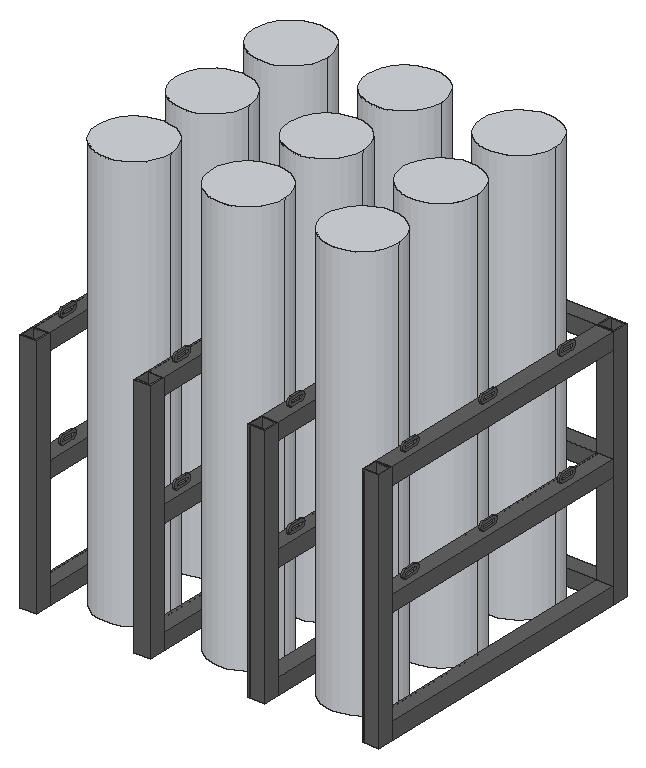
Revit family "3x3-cylinder-rack-BR3X3FS-USAsafety", category Generic Models, Revit 2014
Parameters
  Supplier = "USA Safety Solutions, Inc (www.usasafety.com)"
  Order or Request Quote = "http://www.usasafety.com/contacts"
  URL = "http://www.usasafety.com/3x3-gas-cylinder-rack-barricade-9-cylinders-p-67.html"
  Supplier Email = "sales@usasafety.com"
  Supplier Phone = "1-877-805-8650"
  Capacity = "1-9 cylinders (up to 12\" diameter)"
  Compliance = "NFPA, CGA, OSHA compliant (when used in accordance with guidelines)"
  Model = "#BR3X3FS"
  Manufacturer = ""
  Description = "Gas cylinder storage rack"
  Mounting = "Pre-drilled .531 inch diameter floor mounting holes"
  Accessories = "Two levels of welded steel chains, snaps for each cylinder"
  Weight = "211 lbs"
Reference planes (in)
  plane 1 "Center (Front/Back)": y = 0
  plane 2: z = 0
  plane 3 "Center (Left/Right)": x = 0
  plane 4: through (0.875, -174.54813, -10.63105) normal (0, -0.2588, 0.9659)
  plane 5: through (0.875, -174.54813, -24.63105) normal (0, -0.2588, 0.9659)
  plane 6: through (0.875, -162.54813, -10.63105) normal (0, -0.2588, 0.9659)
  plane 7: through (0.875, -162.54813, -24.63105) normal (0, -0.2588, 0.9659)
  plane 8: through (0.875, -186.54813, -10.63105) normal (0, -0.2588, 0.9659)
  plane 9: through (0.875, -186.54813, -24.63105) normal (0, -0.2588, 0.9659)
Forms (in)
  Extrusion 1, solid, material "USA Safety Steel, Paint Finish, Black, Glossy"
    sketch origin (0, 0, 0) x (1, 0, 0) y (0, 1, 0)
      loop
        line (0, 0) -> (0, -2) -> (2, -2) -> (2, 0) -> (0, 0)
      loop
        line (1.875, -0.125) -> (0.125, -0.125) -> (0.125, -1.875) -> (1.875, -1.875) -> (1.875, -0.125)
    from 0 to 30
  Extrusion 2, solid, material "USA Safety Steel, Paint Finish, Black, Glossy"
    sketch origin (14, 0, 0) x (1, 0, 0) y (0, 1, 0)
      loop
        line (0, 0) -> (0, -2) -> (2, -2) -> (2, 0) -> (0, 0)
      loop
        line (1.875, -0.125) -> (0.125, -0.125) -> (0.125, -1.875) -> (1.875, -1.875) -> (1.875, -0.125)
    from 0 to 30
  Extrusion 3, solid, material "USA Safety Steel, Paint Finish, Black, Glossy"
    sketch origin (0, -36, 0) x (1, 0, 0) y (0, 1, 0)
      loop
        line (0, 0) -> (0, -2) -> (2, -2) -> (2, 0) -> (0, 0)
      loop
        line (1.875, -0.125) -> (0.125, -0.125) -> (0.125, -1.875) -> (1.875, -1.875) -> (1.875, -0.125)
    from 0 to 30
  Extrusion 4, solid, material "USA Safety Steel, Paint Finish, Black, Glossy"
    sketch origin (14, -36, 0) x (1, 0, 0) y (0, 1, 0)
      loop
        line (0, 0) -> (0, -2) -> (2, -2) -> (2, 0) -> (0, 0)
      loop
        line (1.875, -0.125) -> (0.125, -0.125) -> (0.125, -1.875) -> (1.875, -1.875) -> (1.875, -0.125)
    from 0 to 30
  Extrusion 5, solid, material "USA Safety Steel, Paint Finish, Black, Glossy"
    sketch origin (2, 0, 2) x (0, 0, -1) y (0, 1, 0)
      loop
        line (0, 0) -> (0, -2) -> (2, -2) -> (2, 0) -> (0, 0)
      loop
        line (1.875, -0.125) -> (0.125, -0.125) -> (0.125, -1.875) -> (1.875, -1.875) -> (1.875, -0.125)
    from 0 to 12
  Extrusion 6, solid, material "USA Safety Steel, Paint Finish, Black, Glossy"
    sketch origin (2, 0, 30) x (0, 0, -1) y (0, 1, 0)
      loop
        line (0, 0) -> (0, -2) -> (2, -2) -> (2, 0) -> (0, 0)
      loop
        line (1.875, -0.125) -> (0.125, -0.125) -> (0.125, -1.875) -> (1.875, -1.875) -> (1.875, -0.125)
    from 0 to 12
  Extrusion 7, solid, material "USA Safety Steel, Paint Finish, Black, Glossy"
    sketch origin (2, 0, 16) x (0, 0, -1) y (0, 1, 0)
      loop
        line (0, 0) -> (0, -2) -> (2, -2) -> (2, 0) -> (0, 0)
      loop
        line (1.875, -0.125) -> (0.125, -0.125) -> (0.125, -1.875) -> (1.875, -1.875) -> (1.875, -0.125)
    from 0 to 12
  Extrusion 8, solid, material "USA Safety Steel, Paint Finish, Black, Glossy"
    sketch origin (0, -14, 2) x (0, 0, -1) y (-1, 0, 0)
      loop
        line (0, 0) -> (0, -2) -> (2, -2) -> (2, 0) -> (0, 0)
      loop
        line (1.875, -0.125) -> (0.125, -0.125) -> (0.125, -1.875) -> (1.875, -1.875) -> (1.875, -0.125)
    from -22 to 12
  Extrusion 9, solid, material "USA Safety Steel, Paint Finish, Black, Glossy"
    sketch origin (0, -14, 30) x (0, 0, -1) y (-1, 0, 0)
      loop
        line (0, 0) -> (0, -2) -> (2, -2) -> (2, 0) -> (0, 0)
      loop
        line (1.875, -0.125) -> (0.125, -0.125) -> (0.125, -1.875) -> (1.875, -1.875) -> (1.875, -0.125)
    from -22 to 12
  Extrusion 10, solid, material "USA Safety Steel, Paint Finish, Black, Glossy"
    sketch origin (0, -14, 16) x (0, 0, -1) y (-1, 0, 0)
      loop
        line (0, 0) -> (0, -2) -> (2, -2) -> (2, 0) -> (0, 0)
      loop
        line (1.875, -0.125) -> (0.125, -0.125) -> (0.125, -1.875) -> (1.875, -1.875) -> (1.875, -0.125)
    from -22 to 12
  Extrusion 11, solid, material "USA Safety Steel, Paint Finish, Black, Glossy"
    sketch origin (14, -14, 2) x (0, 0, -1) y (-1, 0, 0)
      loop
        line (0, 0) -> (0, -2) -> (2, -2) -> (2, 0) -> (0, 0)
      loop
        line (1.875, -0.125) -> (0.125, -0.125) -> (0.125, -1.875) -> (1.875, -1.875) -> (1.875, -0.125)
    from -22 to 12
  Extrusion 12, solid, material "USA Safety Steel, Paint Finish, Black, Glossy"
    sketch origin (14, -14, 30) x (0, 0, -1) y (-1, 0, 0)
      loop
        line (0, 0) -> (0, -2) -> (2, -2) -> (2, 0) -> (0, 0)
      loop
        line (1.875, -0.125) -> (0.125, -0.125) -> (0.125, -1.875) -> (1.875, -1.875) -> (1.875, -0.125)
    from -22 to 12
  Extrusion 13, solid, material "USA Safety Steel, Paint Finish, Black, Glossy"
    sketch origin (14, -14, 16) x (0, 0, -1) y (-1, 0, 0)
      loop
        line (0, 0) -> (0, -2) -> (2, -2) -> (2, 0) -> (0, 0)
      loop
        line (1.875, -0.125) -> (0.125, -0.125) -> (0.125, -1.875) -> (1.875, -1.875) -> (1.875, -0.125)
    from -22 to 12
  Extrusion 14, solid, material "USA Safety Steel, Paint Finish, Black, Glossy"
    sketch origin (15.125, -11.78704, 39.90169) x (0, -1, 0) y (0, 0, 1)
      loop
        line (19.54046, -9.90169) -> (20.88546, -9.90169)
        arc (20.88546, -9.90169) -> (21.40046, -9.38669) -> (20.88546, -8.87169) r 0.515
        line (20.88546, -8.87169) -> (19.54046, -8.87169)
        arc (19.54046, -8.87169) -> (19.02546, -9.38669) -> (19.54046, -9.90169) r 0.515
      loop
        line (19.54046, -9.65169) -> (20.88546, -9.65169)
        arc (20.88546, -9.65169) -> (21.15046, -9.38669) -> (20.88546, -9.12169) r 0.265
        line (20.88546, -9.12169) -> (19.54046, -9.12169)
        arc (19.54046, -9.12169) -> (19.27546, -9.38669) -> (19.54046, -9.65169) r 0.265
    from 0 to 0.25
  Extrusion 15, solid, material "USA Safety Steel, Paint Finish, Black, Glossy"
    sketch origin (1.125, -11.78704, 39.90169) x (0, -1, 0) y (0, 0, 1)
      loop
        line (19.54046, -9.90169) -> (20.88546, -9.90169)
        arc (20.88546, -9.90169) -> (21.40046, -9.38669) -> (20.88546, -8.87169) r 0.515
        line (20.88546, -8.87169) -> (19.54046, -8.87169)
        arc (19.54046, -8.87169) -> (19.02546, -9.38669) -> (19.54046, -9.90169) r 0.515
      loop
        line (19.54046, -9.65169) -> (20.88546, -9.65169)
        arc (20.88546, -9.65169) -> (21.15046, -9.38669) -> (20.88546, -9.12169) r 0.265
        line (20.88546, -9.12169) -> (19.54046, -9.12169)
        arc (19.54046, -9.12169) -> (19.27546, -9.38669) -> (19.54046, -9.65169) r 0.265
    from 0 to 0.25
  Extrusion 16, solid, material "USA Safety Steel, Paint Finish, Black, Glossy"
    sketch origin (15.125, -11.78704, 25.90169) x (0, -1, 0) y (0, 0, 1)
      loop
        line (19.54046, -9.90169) -> (20.88546, -9.90169)
        arc (20.88546, -9.90169) -> (21.40046, -9.38669) -> (20.88546, -8.87169) r 0.515
        line (20.88546, -8.87169) -> (19.54046, -8.87169)
        arc (19.54046, -8.87169) -> (19.02546, -9.38669) -> (19.54046, -9.90169) r 0.515
      loop
        line (19.54046, -9.65169) -> (20.88546, -9.65169)
        arc (20.88546, -9.65169) -> (21.15046, -9.38669) -> (20.88546, -9.12169) r 0.265
        line (20.88546, -9.12169) -> (19.54046, -9.12169)
        arc (19.54046, -9.12169) -> (19.27546, -9.38669) -> (19.54046, -9.65169) r 0.265
    from 0 to 0.25
  Extrusion 17, solid, material "USA Safety Steel, Paint Finish, Black, Glossy"
    sketch origin (1.125, -11.78704, 25.90169) x (0, -1, 0) y (0, 0, 1)
      loop
        line (19.54046, -9.90169) -> (20.88546, -9.90169)
        arc (20.88546, -9.90169) -> (21.40046, -9.38669) -> (20.88546, -8.87169) r 0.515
        line (20.88546, -8.87169) -> (19.54046, -8.87169)
        arc (19.54046, -8.87169) -> (19.02546, -9.38669) -> (19.54046, -9.90169) r 0.515
      loop
        line (19.54046, -9.65169) -> (20.88546, -9.65169)
        arc (20.88546, -9.65169) -> (21.15046, -9.38669) -> (20.88546, -9.12169) r 0.265
        line (20.88546, -9.12169) -> (19.54046, -9.12169)
        arc (19.54046, -9.12169) -> (19.27546, -9.38669) -> (19.54046, -9.65169) r 0.265
    from 0 to 0.25
  Extrusion 18, solid, material "USA Safety Steel, Paint Finish, Black, Glossy"
    sketch origin (15.125, 0.21296, 39.90169) x (0, -1, 0) y (0, 0, 1)
      loop
        line (19.54046, -9.90169) -> (20.88546, -9.90169)
        arc (20.88546, -9.90169) -> (21.40046, -9.38669) -> (20.88546, -8.87169) r 0.515
        line (20.88546, -8.87169) -> (19.54046, -8.87169)
        arc (19.54046, -8.87169) -> (19.02546, -9.38669) -> (19.54046, -9.90169) r 0.515
      loop
        line (19.54046, -9.65169) -> (20.88546, -9.65169)
        arc (20.88546, -9.65169) -> (21.15046, -9.38669) -> (20.88546, -9.12169) r 0.265
        line (20.88546, -9.12169) -> (19.54046, -9.12169)
        arc (19.54046, -9.12169) -> (19.27546, -9.38669) -> (19.54046, -9.65169) r 0.265
    from 0 to 0.25
  Extrusion 19, solid, material "USA Safety Steel, Paint Finish, Black, Glossy"
    sketch origin (1.125, 0.21296, 39.90169) x (0, -1, 0) y (0, 0, 1)
      loop
        line (19.54046, -9.90169) -> (20.88546, -9.90169)
        arc (20.88546, -9.90169) -> (21.40046, -9.38669) -> (20.88546, -8.87169) r 0.515
        line (20.88546, -8.87169) -> (19.54046, -8.87169)
        arc (19.54046, -8.87169) -> (19.02546, -9.38669) -> (19.54046, -9.90169) r 0.515
      loop
        line (19.54046, -9.65169) -> (20.88546, -9.65169)
        arc (20.88546, -9.65169) -> (21.15046, -9.38669) -> (20.88546, -9.12169) r 0.265
        line (20.88546, -9.12169) -> (19.54046, -9.12169)
        arc (19.54046, -9.12169) -> (19.27546, -9.38669) -> (19.54046, -9.65169) r 0.265
    from 0 to 0.25
  Extrusion 20, solid, material "USA Safety Steel, Paint Finish, Black, Glossy"
    sketch origin (15.125, 0.21296, 25.90169) x (0, -1, 0) y (0, 0, 1)
      loop
        line (19.54046, -9.90169) -> (20.88546, -9.90169)
        arc (20.88546, -9.90169) -> (21.40046, -9.38669) -> (20.88546, -8.87169) r 0.515
        line (20.88546, -8.87169) -> (19.54046, -8.87169)
        arc (19.54046, -8.87169) -> (19.02546, -9.38669) -> (19.54046, -9.90169) r 0.515
      loop
        line (19.54046, -9.65169) -> (20.88546, -9.65169)
        arc (20.88546, -9.65169) -> (21.15046, -9.38669) -> (20.88546, -9.12169) r 0.265
        line (20.88546, -9.12169) -> (19.54046, -9.12169)
        arc (19.54046, -9.12169) -> (19.27546, -9.38669) -> (19.54046, -9.65169) r 0.265
    from 0 to 0.25
  Extrusion 21, solid, material "USA Safety Steel, Paint Finish, Black, Glossy"
    sketch origin (1.125, 0.21296, 25.90169) x (0, -1, 0) y (0, 0, 1)
      loop
        line (19.54046, -9.90169) -> (20.88546, -9.90169)
        arc (20.88546, -9.90169) -> (21.40046, -9.38669) -> (20.88546, -8.87169) r 0.515
        line (20.88546, -8.87169) -> (19.54046, -8.87169)
        arc (19.54046, -8.87169) -> (19.02546, -9.38669) -> (19.54046, -9.90169) r 0.515
      loop
        line (19.54046, -9.65169) -> (20.88546, -9.65169)
        arc (20.88546, -9.65169) -> (21.15046, -9.38669) -> (20.88546, -9.12169) r 0.265
        line (20.88546, -9.12169) -> (19.54046, -9.12169)
        arc (19.54046, -9.12169) -> (19.27546, -9.38669) -> (19.54046, -9.65169) r 0.265
    from 0 to 0.25
  Extrusion 22, solid
    sketch origin (1.65257, -9.13271, 0) x (1, 0, 0) y (0, 1, 0)
      loop
        circle (6.34743, -9.36729) r 4.5
    from 0 to 51
  Extrusion 23, solid
    sketch origin (1.65257, -21.13271, 0) x (1, 0, 0) y (0, 1, 0)
      loop
        circle (6.34743, -9.36729) r 4.5
    from 0 to 51
  Extrusion 24, solid, material "USA Safety Steel, Paint Finish, Black, Glossy"
    sketch origin (15.125, 12.21296, 39.90169) x (0, -1, 0) y (0, 0, 1)
      loop
        line (19.54046, -9.90169) -> (20.88546, -9.90169)
        arc (20.88546, -9.90169) -> (21.40046, -9.38669) -> (20.88546, -8.87169) r 0.515
        line (20.88546, -8.87169) -> (19.54046, -8.87169)
        arc (19.54046, -8.87169) -> (19.02546, -9.38669) -> (19.54046, -9.90169) r 0.515
      loop
        line (19.54046, -9.65169) -> (20.88546, -9.65169)
        arc (20.88546, -9.65169) -> (21.15046, -9.38669) -> (20.88546, -9.12169) r 0.265
        line (20.88546, -9.12169) -> (19.54046, -9.12169)
        arc (19.54046, -9.12169) -> (19.27546, -9.38669) -> (19.54046, -9.65169) r 0.265
    from 0 to 0.25
  Extrusion 25, solid, material "USA Safety Steel, Paint Finish, Black, Glossy"
    sketch origin (1.125, 12.21296, 39.90169) x (0, -1, 0) y (0, 0, 1)
      loop
        line (19.54046, -9.90169) -> (20.88546, -9.90169)
        arc (20.88546, -9.90169) -> (21.40046, -9.38669) -> (20.88546, -8.87169) r 0.515
        line (20.88546, -8.87169) -> (19.54046, -8.87169)
        arc (19.54046, -8.87169) -> (19.02546, -9.38669) -> (19.54046, -9.90169) r 0.515
      loop
        line (19.54046, -9.65169) -> (20.88546, -9.65169)
        arc (20.88546, -9.65169) -> (21.15046, -9.38669) -> (20.88546, -9.12169) r 0.265
        line (20.88546, -9.12169) -> (19.54046, -9.12169)
        arc (19.54046, -9.12169) -> (19.27546, -9.38669) -> (19.54046, -9.65169) r 0.265
    from 0 to 0.25
  Extrusion 26, solid, material "USA Safety Steel, Paint Finish, Black, Glossy"
    sketch origin (15.125, 12.21296, 25.90169) x (0, -1, 0) y (0, 0, 1)
      loop
        line (19.54046, -9.90169) -> (20.88546, -9.90169)
        arc (20.88546, -9.90169) -> (21.40046, -9.38669) -> (20.88546, -8.87169) r 0.515
        line (20.88546, -8.87169) -> (19.54046, -8.87169)
        arc (19.54046, -8.87169) -> (19.02546, -9.38669) -> (19.54046, -9.90169) r 0.515
      loop
        line (19.54046, -9.65169) -> (20.88546, -9.65169)
        arc (20.88546, -9.65169) -> (21.15046, -9.38669) -> (20.88546, -9.12169) r 0.265
        line (20.88546, -9.12169) -> (19.54046, -9.12169)
        arc (19.54046, -9.12169) -> (19.27546, -9.38669) -> (19.54046, -9.65169) r 0.265
    from 0 to 0.25
  Extrusion 27, solid, material "USA Safety Steel, Paint Finish, Black, Glossy"
    sketch origin (1.125, 12.21296, 25.90169) x (0, -1, 0) y (0, 0, 1)
      loop
        line (19.54046, -9.90169) -> (20.88546, -9.90169)
        arc (20.88546, -9.90169) -> (21.40046, -9.38669) -> (20.88546, -8.87169) r 0.515
        line (20.88546, -8.87169) -> (19.54046, -8.87169)
        arc (19.54046, -8.87169) -> (19.02546, -9.38669) -> (19.54046, -9.90169) r 0.515
      loop
        line (19.54046, -9.65169) -> (20.88546, -9.65169)
        arc (20.88546, -9.65169) -> (21.15046, -9.38669) -> (20.88546, -9.12169) r 0.265
        line (20.88546, -9.12169) -> (19.54046, -9.12169)
        arc (19.54046, -9.12169) -> (19.27546, -9.38669) -> (19.54046, -9.65169) r 0.265
    from 0 to 0.25
  Extrusion 28, solid
    sketch origin (1.65257, 2.86729, 0) x (1, 0, 0) y (0, 1, 0)
      loop
        circle (6.34743, -9.36729) r 4.5
    from 0 to 51
  Extrusion 29, solid, material "USA Safety Steel, Paint Finish, Black, Glossy"
    sketch origin (28, 0, 0) x (1, 0, 0) y (0, 1, 0)
      loop
        line (0, 0) -> (0, -2) -> (2, -2) -> (2, 0) -> (0, 0)
      loop
        line (1.875, -0.125) -> (0.125, -0.125) -> (0.125, -1.875) -> (1.875, -1.875) -> (1.875, -0.125)
    from 0 to 30
  Extrusion 30, solid, material "USA Safety Steel, Paint Finish, Black, Glossy"
    sketch origin (28, -36, 0) x (1, 0, 0) y (0, 1, 0)
      loop
        line (0, 0) -> (0, -2) -> (2, -2) -> (2, 0) -> (0, 0)
      loop
        line (1.875, -0.125) -> (0.125, -0.125) -> (0.125, -1.875) -> (1.875, -1.875) -> (1.875, -0.125)
    from 0 to 30
  Extrusion 31, solid, material "USA Safety Steel, Paint Finish, Black, Glossy"
    sketch origin (16, 0, 2) x (0, 0, -1) y (0, 1, 0)
      loop
        line (0, 0) -> (0, -2) -> (2, -2) -> (2, 0) -> (0, 0)
      loop
        line (1.875, -0.125) -> (0.125, -0.125) -> (0.125, -1.875) -> (1.875, -1.875) -> (1.875, -0.125)
    from 0 to 12
  Extrusion 32, solid, material "USA Safety Steel, Paint Finish, Black, Glossy"
    sketch origin (16, 0, 30) x (0, 0, -1) y (0, 1, 0)
      loop
        line (0, 0) -> (0, -2) -> (2, -2) -> (2, 0) -> (0, 0)
      loop
        line (1.875, -0.125) -> (0.125, -0.125) -> (0.125, -1.875) -> (1.875, -1.875) -> (1.875, -0.125)
    from 0 to 12
  Extrusion 33, solid, material "USA Safety Steel, Paint Finish, Black, Glossy"
    sketch origin (16, 0, 16) x (0, 0, -1) y (0, 1, 0)
      loop
        line (0, 0) -> (0, -2) -> (2, -2) -> (2, 0) -> (0, 0)
      loop
        line (1.875, -0.125) -> (0.125, -0.125) -> (0.125, -1.875) -> (1.875, -1.875) -> (1.875, -0.125)
    from 0 to 12
  Extrusion 34, solid, material "USA Safety Steel, Paint Finish, Black, Glossy"
    sketch origin (28, -14, 2) x (0, 0, -1) y (-1, 0, 0)
      loop
        line (0, 0) -> (0, -2) -> (2, -2) -> (2, 0) -> (0, 0)
      loop
        line (1.875, -0.125) -> (0.125, -0.125) -> (0.125, -1.875) -> (1.875, -1.875) -> (1.875, -0.125)
    from -22 to 12
  Extrusion 35, solid, material "USA Safety Steel, Paint Finish, Black, Glossy"
    sketch origin (28, -14, 30) x (0, 0, -1) y (-1, 0, 0)
      loop
        line (0, 0) -> (0, -2) -> (2, -2) -> (2, 0) -> (0, 0)
      loop
        line (1.875, -0.125) -> (0.125, -0.125) -> (0.125, -1.875) -> (1.875, -1.875) -> (1.875, -0.125)
    from -22 to 12
  Extrusion 36, solid, material "USA Safety Steel, Paint Finish, Black, Glossy"
    sketch origin (28, -14, 16) x (0, 0, -1) y (-1, 0, 0)
      loop
        line (0, 0) -> (0, -2) -> (2, -2) -> (2, 0) -> (0, 0)
      loop
        line (1.875, -0.125) -> (0.125, -0.125) -> (0.125, -1.875) -> (1.875, -1.875) -> (1.875, -0.125)
    from -22 to 12
  Extrusion 37, solid, material "USA Safety Steel, Paint Finish, Black, Glossy"
    sketch origin (29.125, -11.78704, 39.90169) x (0, -1, 0) y (0, 0, 1)
      loop
        line (19.54046, -9.90169) -> (20.88546, -9.90169)
        arc (20.88546, -9.90169) -> (21.40046, -9.38669) -> (20.88546, -8.87169) r 0.515
        line (20.88546, -8.87169) -> (19.54046, -8.87169)
        arc (19.54046, -8.87169) -> (19.02546, -9.38669) -> (19.54046, -9.90169) r 0.515
      loop
        line (19.54046, -9.65169) -> (20.88546, -9.65169)
        arc (20.88546, -9.65169) -> (21.15046, -9.38669) -> (20.88546, -9.12169) r 0.265
        line (20.88546, -9.12169) -> (19.54046, -9.12169)
        arc (19.54046, -9.12169) -> (19.27546, -9.38669) -> (19.54046, -9.65169) r 0.265
    from 0 to 0.25
  Extrusion 38, solid, material "USA Safety Steel, Paint Finish, Black, Glossy"
    sketch origin (29.125, -11.78704, 25.90169) x (0, -1, 0) y (0, 0, 1)
      loop
        line (19.54046, -9.90169) -> (20.88546, -9.90169)
        arc (20.88546, -9.90169) -> (21.40046, -9.38669) -> (20.88546, -8.87169) r 0.515
        line (20.88546, -8.87169) -> (19.54046, -8.87169)
        arc (19.54046, -8.87169) -> (19.02546, -9.38669) -> (19.54046, -9.90169) r 0.515
      loop
        line (19.54046, -9.65169) -> (20.88546, -9.65169)
        arc (20.88546, -9.65169) -> (21.15046, -9.38669) -> (20.88546, -9.12169) r 0.265
        line (20.88546, -9.12169) -> (19.54046, -9.12169)
        arc (19.54046, -9.12169) -> (19.27546, -9.38669) -> (19.54046, -9.65169) r 0.265
    from 0 to 0.25
  Extrusion 39, solid, material "USA Safety Steel, Paint Finish, Black, Glossy"
    sketch origin (29.125, 0.21296, 39.90169) x (0, -1, 0) y (0, 0, 1)
      loop
        line (19.54046, -9.90169) -> (20.88546, -9.90169)
        arc (20.88546, -9.90169) -> (21.40046, -9.38669) -> (20.88546, -8.87169) r 0.515
        line (20.88546, -8.87169) -> (19.54046, -8.87169)
        arc (19.54046, -8.87169) -> (19.02546, -9.38669) -> (19.54046, -9.90169) r 0.515
      loop
        line (19.54046, -9.65169) -> (20.88546, -9.65169)
        arc (20.88546, -9.65169) -> (21.15046, -9.38669) -> (20.88546, -9.12169) r 0.265
        line (20.88546, -9.12169) -> (19.54046, -9.12169)
        arc (19.54046, -9.12169) -> (19.27546, -9.38669) -> (19.54046, -9.65169) r 0.265
    from 0 to 0.25
  Extrusion 40, solid, material "USA Safety Steel, Paint Finish, Black, Glossy"
    sketch origin (29.125, 0.21296, 25.90169) x (0, -1, 0) y (0, 0, 1)
      loop
        line (19.54046, -9.90169) -> (20.88546, -9.90169)
        arc (20.88546, -9.90169) -> (21.40046, -9.38669) -> (20.88546, -8.87169) r 0.515
        line (20.88546, -8.87169) -> (19.54046, -8.87169)
        arc (19.54046, -8.87169) -> (19.02546, -9.38669) -> (19.54046, -9.90169) r 0.515
      loop
        line (19.54046, -9.65169) -> (20.88546, -9.65169)
        arc (20.88546, -9.65169) -> (21.15046, -9.38669) -> (20.88546, -9.12169) r 0.265
        line (20.88546, -9.12169) -> (19.54046, -9.12169)
        arc (19.54046, -9.12169) -> (19.27546, -9.38669) -> (19.54046, -9.65169) r 0.265
    from 0 to 0.25
  Extrusion 41, solid
    sketch origin (15.65257, -9.13271, 0) x (1, 0, 0) y (0, 1, 0)
      loop
        circle (6.34743, -9.36729) r 4.5
    from 0 to 51
  Extrusion 42, solid
    sketch origin (15.65257, -21.13271, 0) x (1, 0, 0) y (0, 1, 0)
      loop
        circle (6.34743, -9.36729) r 4.5
    from 0 to 51
  Extrusion 43, solid, material "USA Safety Steel, Paint Finish, Black, Glossy"
    sketch origin (29.125, 12.21296, 39.90169) x (0, -1, 0) y (0, 0, 1)
      loop
        line (19.54046, -9.90169) -> (20.88546, -9.90169)
        arc (20.88546, -9.90169) -> (21.40046, -9.38669) -> (20.88546, -8.87169) r 0.515
        line (20.88546, -8.87169) -> (19.54046, -8.87169)
        arc (19.54046, -8.87169) -> (19.02546, -9.38669) -> (19.54046, -9.90169) r 0.515
      loop
        line (19.54046, -9.65169) -> (20.88546, -9.65169)
        arc (20.88546, -9.65169) -> (21.15046, -9.38669) -> (20.88546, -9.12169) r 0.265
        line (20.88546, -9.12169) -> (19.54046, -9.12169)
        arc (19.54046, -9.12169) -> (19.27546, -9.38669) -> (19.54046, -9.65169) r 0.265
    from 0 to 0.25
  Extrusion 44, solid, material "USA Safety Steel, Paint Finish, Black, Glossy"
    sketch origin (29.125, 12.21296, 25.90169) x (0, -1, 0) y (0, 0, 1)
      loop
        line (19.54046, -9.90169) -> (20.88546, -9.90169)
        arc (20.88546, -9.90169) -> (21.40046, -9.38669) -> (20.88546, -8.87169) r 0.515
        line (20.88546, -8.87169) -> (19.54046, -8.87169)
        arc (19.54046, -8.87169) -> (19.02546, -9.38669) -> (19.54046, -9.90169) r 0.515
      loop
        line (19.54046, -9.65169) -> (20.88546, -9.65169)
        arc (20.88546, -9.65169) -> (21.15046, -9.38669) -> (20.88546, -9.12169) r 0.265
        line (20.88546, -9.12169) -> (19.54046, -9.12169)
        arc (19.54046, -9.12169) -> (19.27546, -9.38669) -> (19.54046, -9.65169) r 0.265
    from 0 to 0.25
  Extrusion 45, solid
    sketch origin (15.65257, 2.86729, 0) x (1, 0, 0) y (0, 1, 0)
      loop
        circle (6.34743, -9.36729) r 4.5
    from 0 to 51
  Extrusion 46, solid, material "USA Safety Steel, Paint Finish, Black, Glossy"
    sketch origin (42, 0, 0) x (1, 0, 0) y (0, 1, 0)
      loop
        line (0, 0) -> (0, -2) -> (2, -2) -> (2, 0) -> (0, 0)
      loop
        line (1.875, -0.125) -> (0.125, -0.125) -> (0.125, -1.875) -> (1.875, -1.875) -> (1.875, -0.125)
    from 0 to 30
  Extrusion 47, solid, material "USA Safety Steel, Paint Finish, Black, Glossy"
    sketch origin (42, -36, 0) x (1, 0, 0) y (0, 1, 0)
      loop
        line (0, 0) -> (0, -2) -> (2, -2) -> (2, 0) -> (0, 0)
      loop
        line (1.875, -0.125) -> (0.125, -0.125) -> (0.125, -1.875) -> (1.875, -1.875) -> (1.875, -0.125)
    from 0 to 30
  Extrusion 48, solid, material "USA Safety Steel, Paint Finish, Black, Glossy"
    sketch origin (30, 0, 2) x (0, 0, -1) y (0, 1, 0)
      loop
        line (0, 0) -> (0, -2) -> (2, -2) -> (2, 0) -> (0, 0)
      loop
        line (1.875, -0.125) -> (0.125, -0.125) -> (0.125, -1.875) -> (1.875, -1.875) -> (1.875, -0.125)
    from 0 to 12
  Extrusion 49, solid, material "USA Safety Steel, Paint Finish, Black, Glossy"
    sketch origin (30, 0, 30) x (0, 0, -1) y (0, 1, 0)
      loop
        line (0, 0) -> (0, -2) -> (2, -2) -> (2, 0) -> (0, 0)
      loop
        line (1.875, -0.125) -> (0.125, -0.125) -> (0.125, -1.875) -> (1.875, -1.875) -> (1.875, -0.125)
    from 0 to 12
  Extrusion 50, solid, material "USA Safety Steel, Paint Finish, Black, Glossy"
    sketch origin (30, 0, 16) x (0, 0, -1) y (0, 1, 0)
      loop
        line (0, 0) -> (0, -2) -> (2, -2) -> (2, 0) -> (0, 0)
      loop
        line (1.875, -0.125) -> (0.125, -0.125) -> (0.125, -1.875) -> (1.875, -1.875) -> (1.875, -0.125)
    from 0 to 12
  Extrusion 51, solid, material "USA Safety Steel, Paint Finish, Black, Glossy"
    sketch origin (42, -14, 2) x (0, 0, -1) y (-1, 0, 0)
      loop
        line (0, 0) -> (0, -2) -> (2, -2) -> (2, 0) -> (0, 0)
      loop
        line (1.875, -0.125) -> (0.125, -0.125) -> (0.125, -1.875) -> (1.875, -1.875) -> (1.875, -0.125)
    from -22 to 12
  Extrusion 52, solid, material "USA Safety Steel, Paint Finish, Black, Glossy"
    sketch origin (42, -14, 30) x (0, 0, -1) y (-1, 0, 0)
      loop
        line (0, 0) -> (0, -2) -> (2, -2) -> (2, 0) -> (0, 0)
      loop
        line (1.875, -0.125) -> (0.125, -0.125) -> (0.125, -1.875) -> (1.875, -1.875) -> (1.875, -0.125)
    from -22 to 12
  Extrusion 53, solid, material "USA Safety Steel, Paint Finish, Black, Glossy"
    sketch origin (42, -14, 16) x (0, 0, -1) y (-1, 0, 0)
      loop
        line (0, 0) -> (0, -2) -> (2, -2) -> (2, 0) -> (0, 0)
      loop
        line (1.875, -0.125) -> (0.125, -0.125) -> (0.125, -1.875) -> (1.875, -1.875) -> (1.875, -0.125)
    from -22 to 12
  Extrusion 54, solid, material "USA Safety Steel, Paint Finish, Black, Glossy"
    sketch origin (43.125, -11.78704, 39.90169) x (0, -1, 0) y (0, 0, 1)
      loop
        line (19.54046, -9.90169) -> (20.88546, -9.90169)
        arc (20.88546, -9.90169) -> (21.40046, -9.38669) -> (20.88546, -8.87169) r 0.515
        line (20.88546, -8.87169) -> (19.54046, -8.87169)
        arc (19.54046, -8.87169) -> (19.02546, -9.38669) -> (19.54046, -9.90169) r 0.515
      loop
        line (19.54046, -9.65169) -> (20.88546, -9.65169)
        arc (20.88546, -9.65169) -> (21.15046, -9.38669) -> (20.88546, -9.12169) r 0.265
        line (20.88546, -9.12169) -> (19.54046, -9.12169)
        arc (19.54046, -9.12169) -> (19.27546, -9.38669) -> (19.54046, -9.65169) r 0.265
    from 0 to 0.25
  Extrusion 55, solid, material "USA Safety Steel, Paint Finish, Black, Glossy"
    sketch origin (43.125, -11.78704, 25.90169) x (0, -1, 0) y (0, 0, 1)
      loop
        line (19.54046, -9.90169) -> (20.88546, -9.90169)
        arc (20.88546, -9.90169) -> (21.40046, -9.38669) -> (20.88546, -8.87169) r 0.515
        line (20.88546, -8.87169) -> (19.54046, -8.87169)
        arc (19.54046, -8.87169) -> (19.02546, -9.38669) -> (19.54046, -9.90169) r 0.515
      loop
        line (19.54046, -9.65169) -> (20.88546, -9.65169)
        arc (20.88546, -9.65169) -> (21.15046, -9.38669) -> (20.88546, -9.12169) r 0.265
        line (20.88546, -9.12169) -> (19.54046, -9.12169)
        arc (19.54046, -9.12169) -> (19.27546, -9.38669) -> (19.54046, -9.65169) r 0.265
    from 0 to 0.25
  Extrusion 56, solid, material "USA Safety Steel, Paint Finish, Black, Glossy"
    sketch origin (43.125, 0.21296, 39.90169) x (0, -1, 0) y (0, 0, 1)
      loop
        line (19.54046, -9.90169) -> (20.88546, -9.90169)
        arc (20.88546, -9.90169) -> (21.40046, -9.38669) -> (20.88546, -8.87169) r 0.515
        line (20.88546, -8.87169) -> (19.54046, -8.87169)
        arc (19.54046, -8.87169) -> (19.02546, -9.38669) -> (19.54046, -9.90169) r 0.515
      loop
        line (19.54046, -9.65169) -> (20.88546, -9.65169)
        arc (20.88546, -9.65169) -> (21.15046, -9.38669) -> (20.88546, -9.12169) r 0.265
        line (20.88546, -9.12169) -> (19.54046, -9.12169)
        arc (19.54046, -9.12169) -> (19.27546, -9.38669) -> (19.54046, -9.65169) r 0.265
    from 0 to 0.25
  Extrusion 57, solid, material "USA Safety Steel, Paint Finish, Black, Glossy"
    sketch origin (43.125, 0.21296, 25.90169) x (0, -1, 0) y (0, 0, 1)
      loop
        line (19.54046, -9.90169) -> (20.88546, -9.90169)
        arc (20.88546, -9.90169) -> (21.40046, -9.38669) -> (20.88546, -8.87169) r 0.515
        line (20.88546, -8.87169) -> (19.54046, -8.87169)
        arc (19.54046, -8.87169) -> (19.02546, -9.38669) -> (19.54046, -9.90169) r 0.515
      loop
        line (19.54046, -9.65169) -> (20.88546, -9.65169)
        arc (20.88546, -9.65169) -> (21.15046, -9.38669) -> (20.88546, -9.12169) r 0.265
        line (20.88546, -9.12169) -> (19.54046, -9.12169)
        arc (19.54046, -9.12169) -> (19.27546, -9.38669) -> (19.54046, -9.65169) r 0.265
    from 0 to 0.25
  Extrusion 58, solid
    sketch origin (29.65257, -9.13271, 0) x (1, 0, 0) y (0, 1, 0)
      loop
        circle (6.34743, -9.36729) r 4.5
    from 0 to 51
  Extrusion 59, solid
    sketch origin (29.65257, -21.13271, 0) x (1, 0, 0) y (0, 1, 0)
      loop
        circle (6.34743, -9.36729) r 4.5
    from 0 to 51
  Extrusion 60, solid, material "USA Safety Steel, Paint Finish, Black, Glossy"
    sketch origin (43.125, 12.21296, 39.90169) x (0, -1, 0) y (0, 0, 1)
      loop
        line (19.54046, -9.90169) -> (20.88546, -9.90169)
        arc (20.88546, -9.90169) -> (21.40046, -9.38669) -> (20.88546, -8.87169) r 0.515
        line (20.88546, -8.87169) -> (19.54046, -8.87169)
        arc (19.54046, -8.87169) -> (19.02546, -9.38669) -> (19.54046, -9.90169) r 0.515
      loop
        line (19.54046, -9.65169) -> (20.88546, -9.65169)
        arc (20.88546, -9.65169) -> (21.15046, -9.38669) -> (20.88546, -9.12169) r 0.265
        line (20.88546, -9.12169) -> (19.54046, -9.12169)
        arc (19.54046, -9.12169) -> (19.27546, -9.38669) -> (19.54046, -9.65169) r 0.265
    from 0 to 0.25
  Extrusion 61, solid, material "USA Safety Steel, Paint Finish, Black, Glossy"
    sketch origin (43.125, 12.21296, 25.90169) x (0, -1, 0) y (0, 0, 1)
      loop
        line (19.54046, -9.90169) -> (20.88546, -9.90169)
        arc (20.88546, -9.90169) -> (21.40046, -9.38669) -> (20.88546, -8.87169) r 0.515
        line (20.88546, -8.87169) -> (19.54046, -8.87169)
        arc (19.54046, -8.87169) -> (19.02546, -9.38669) -> (19.54046, -9.90169) r 0.515
      loop
        line (19.54046, -9.65169) -> (20.88546, -9.65169)
        arc (20.88546, -9.65169) -> (21.15046, -9.38669) -> (20.88546, -9.12169) r 0.265
        line (20.88546, -9.12169) -> (19.54046, -9.12169)
        arc (19.54046, -9.12169) -> (19.27546, -9.38669) -> (19.54046, -9.65169) r 0.265
    from 0 to 0.25
  Extrusion 62, solid
    sketch origin (29.65257, 2.86729, 0) x (1, 0, 0) y (0, 1, 0)
      loop
        circle (6.34743, -9.36729) r 4.5
    from 0 to 51
Lines and regions (in)
  model lines
    curve 1: spline (1.125, -20, 30.78) -> (1.35926, -21, 30.51205) -> (2.04608, -21.93185, 30.26236) -> (3.13864, -22.73205, 30.04795) -> (4.5625, -23.34607, 29.88342) -> (6.22062, -23.73205, 29.78) -> (8, -23.8637, 29.74472) -> (9.77938, -23.73205, 29.78) -> (11.4375, -23.34607, 29.88342) -> (12.86136, -22.73205, 30.04795) -> (13.95392, -21.93185, 30.26236) -> (14.64074, -21, 30.51205) -> (14.875, -20, 30.78)
    curve 2: spline (1.125, -20, 16.78) -> (1.35926, -21, 16.51205) -> (2.04608, -21.93185, 16.26236) -> (3.13864, -22.73205, 16.04795) -> (4.5625, -23.34607, 15.88342) -> (6.22062, -23.73205, 15.78) -> (8, -23.8637, 15.74472) -> (9.77938, -23.73205, 15.78) -> (11.4375, -23.34607, 15.88342) -> (12.86136, -22.73205, 16.04795) -> (13.95392, -21.93185, 16.26236) -> (14.64074, -21, 16.51205) -> (14.875, -20, 16.78)
    curve 3: spline (1.125, -8, 30.78) -> (1.35926, -9, 30.51205) -> (2.04608, -9.93185, 30.26236) -> (3.13864, -10.73205, 30.04795) -> (4.5625, -11.34607, 29.88342) -> (6.22062, -11.73205, 29.78) -> (8, -11.8637, 29.74472) -> (9.77938, -11.73205, 29.78) -> (11.4375, -11.34607, 29.88342) -> (12.86136, -10.73205, 30.04795) -> (13.95392, -9.93185, 30.26236) -> (14.64074, -9, 30.51205) -> (14.875, -8, 30.78)
    curve 4: spline (1.125, -8, 16.78) -> (1.35926, -9, 16.51205) -> (2.04608, -9.93185, 16.26236) -> (3.13864, -10.73205, 16.04795) -> (4.5625, -11.34607, 15.88342) -> (6.22062, -11.73205, 15.78) -> (8, -11.8637, 15.74472) -> (9.77938, -11.73205, 15.78) -> (11.4375, -11.34607, 15.88342) -> (12.86136, -10.73205, 16.04795) -> (13.95392, -9.93185, 16.26236) -> (14.64074, -9, 16.51205) -> (14.875, -8, 16.78)
    curve 5: spline (1.125, -32, 30.78) -> (1.35926, -33, 30.51205) -> (2.04608, -33.93185, 30.26236) -> (3.13864, -34.73205, 30.04795) -> (4.5625, -35.34607, 29.88342) -> (6.22062, -35.73205, 29.78) -> (8, -35.8637, 29.74472) -> (9.77938, -35.73205, 29.78) -> (11.4375, -35.34607, 29.88342) -> (12.86136, -34.73205, 30.04795) -> (13.95392, -33.93185, 30.26236) -> (14.64074, -33, 30.51205) -> (14.875, -32, 30.78)
    curve 6: spline (1.125, -32, 16.78) -> (1.35926, -33, 16.51205) -> (2.04608, -33.93185, 16.26236) -> (3.13864, -34.73205, 16.04795) -> (4.5625, -35.34607, 15.88342) -> (6.22062, -35.73205, 15.78) -> (8, -35.8637, 15.74472) -> (9.77938, -35.73205, 15.78) -> (11.4375, -35.34607, 15.88342) -> (12.86136, -34.73205, 16.04795) -> (13.95392, -33.93185, 16.26236) -> (14.64074, -33, 16.51205) -> (14.875, -32, 16.78)
    curve 7: spline (15.125, -20, 30.78) -> (15.35926, -21, 30.51205) -> (16.04608, -21.93185, 30.26236) -> (17.13864, -22.73205, 30.04795) -> (18.5625, -23.34607, 29.88342) -> (20.22062, -23.73205, 29.78) -> (22, -23.8637, 29.74472) -> (23.77938, -23.73205, 29.78) -> (25.4375, -23.34607, 29.88342) -> (26.86136, -22.73205, 30.04795) -> (27.95392, -21.93185, 30.26236) -> (28.64074, -21, 30.51205) -> (28.875, -20, 30.78)
    curve 8: spline (15.125, -20, 16.78) -> (15.35926, -21, 16.51205) -> (16.04608, -21.93185, 16.26236) -> (17.13864, -22.73205, 16.04795) -> (18.5625, -23.34607, 15.88342) -> (20.22062, -23.73205, 15.78) -> (22, -23.8637, 15.74472) -> (23.77938, -23.73205, 15.78) -> (25.4375, -23.34607, 15.88342) -> (26.86136, -22.73205, 16.04795) -> (27.95392, -21.93185, 16.26236) -> (28.64074, -21, 16.51205) -> (28.875, -20, 16.78)
    curve 9: spline (15.125, -8, 30.78) -> (15.35926, -9, 30.51205) -> (16.04608, -9.93185, 30.26236) -> (17.13864, -10.73205, 30.04795) -> (18.5625, -11.34607, 29.88342) -> (20.22062, -11.73205, 29.78) -> (22, -11.8637, 29.74472) -> (23.77938, -11.73205, 29.78) -> (25.4375, -11.34607, 29.88342) -> (26.86136, -10.73205, 30.04795) -> (27.95392, -9.93185, 30.26236) -> (28.64074, -9, 30.51205) -> (28.875, -8, 30.78)
    curve 10: spline (15.125, -8, 16.78) -> (15.35926, -9, 16.51205) -> (16.04608, -9.93185, 16.26236) -> (17.13864, -10.73205, 16.04795) -> (18.5625, -11.34607, 15.88342) -> (20.22062, -11.73205, 15.78) -> (22, -11.8637, 15.74472) -> (23.77938, -11.73205, 15.78) -> (25.4375, -11.34607, 15.88342) -> (26.86136, -10.73205, 16.04795) -> (27.95392, -9.93185, 16.26236) -> (28.64074, -9, 16.51205) -> (28.875, -8, 16.78)
    curve 11: spline (15.125, -32, 30.78) -> (15.35926, -33, 30.51205) -> (16.04608, -33.93185, 30.26236) -> (17.13864, -34.73205, 30.04795) -> (18.5625, -35.34607, 29.88342) -> (20.22062, -35.73205, 29.78) -> (22, -35.8637, 29.74472) -> (23.77938, -35.73205, 29.78) -> (25.4375, -35.34607, 29.88342) -> (26.86136, -34.73205, 30.04795) -> (27.95392, -33.93185, 30.26236) -> (28.64074, -33, 30.51205) -> (28.875, -32, 30.78)
    curve 12: spline (15.125, -32, 16.78) -> (15.35926, -33, 16.51205) -> (16.04608, -33.93185, 16.26236) -> (17.13864, -34.73205, 16.04795) -> (18.5625, -35.34607, 15.88342) -> (20.22062, -35.73205, 15.78) -> (22, -35.8637, 15.74472) -> (23.77938, -35.73205, 15.78) -> (25.4375, -35.34607, 15.88342) -> (26.86136, -34.73205, 16.04795) -> (27.95392, -33.93185, 16.26236) -> (28.64074, -33, 16.51205) -> (28.875, -32, 16.78)
    curve 13: spline (29.125, -20, 30.78) -> (29.35926, -21, 30.51205) -> (30.04608, -21.93185, 30.26236) -> (31.13864, -22.73205, 30.04795) -> (32.5625, -23.34607, 29.88342) -> (34.22062, -23.73205, 29.78) -> (36, -23.8637, 29.74472) -> (37.77938, -23.73205, 29.78) -> (39.4375, -23.34607, 29.88342) -> (40.86136, -22.73205, 30.04795) -> (41.95392, -21.93185, 30.26236) -> (42.64074, -21, 30.51205) -> (42.875, -20, 30.78)
    curve 14: spline (29.125, -20, 16.78) -> (29.35926, -21, 16.51205) -> (30.04608, -21.93185, 16.26236) -> (31.13864, -22.73205, 16.04795) -> (32.5625, -23.34607, 15.88342) -> (34.22062, -23.73205, 15.78) -> (36, -23.8637, 15.74472) -> (37.77938, -23.73205, 15.78) -> (39.4375, -23.34607, 15.88342) -> (40.86136, -22.73205, 16.04795) -> (41.95392, -21.93185, 16.26236) -> (42.64074, -21, 16.51205) -> (42.875, -20, 16.78)
    curve 15: spline (29.125, -8, 30.78) -> (29.35926, -9, 30.51205) -> (30.04608, -9.93185, 30.26236) -> (31.13864, -10.73205, 30.04795) -> (32.5625, -11.34607, 29.88342) -> (34.22062, -11.73205, 29.78) -> (36, -11.8637, 29.74472) -> (37.77938, -11.73205, 29.78) -> (39.4375, -11.34607, 29.88342) -> (40.86136, -10.73205, 30.04795) -> (41.95392, -9.93185, 30.26236) -> (42.64074, -9, 30.51205) -> (42.875, -8, 30.78)
    curve 16: spline (29.125, -8, 16.78) -> (29.35926, -9, 16.51205) -> (30.04608, -9.93185, 16.26236) -> (31.13864, -10.73205, 16.04795) -> (32.5625, -11.34607, 15.88342) -> (34.22062, -11.73205, 15.78) -> (36, -11.8637, 15.74472) -> (37.77938, -11.73205, 15.78) -> (39.4375, -11.34607, 15.88342) -> (40.86136, -10.73205, 16.04795) -> (41.95392, -9.93185, 16.26236) -> (42.64074, -9, 16.51205) -> (42.875, -8, 16.78)
    curve 17: spline (29.125, -32, 30.78) -> (29.35926, -33, 30.51205) -> (30.04608, -33.93185, 30.26236) -> (31.13864, -34.73205, 30.04795) -> (32.5625, -35.34607, 29.88342) -> (34.22062, -35.73205, 29.78) -> (36, -35.8637, 29.74472) -> (37.77938, -35.73205, 29.78) -> (39.4375, -35.34607, 29.88342) -> (40.86136, -34.73205, 30.04795) -> (41.95392, -33.93185, 30.26236) -> (42.64074, -33, 30.51205) -> (42.875, -32, 30.78)
    curve 18: spline (29.125, -32, 16.78) -> (29.35926, -33, 16.51205) -> (30.04608, -33.93185, 16.26236) -> (31.13864, -34.73205, 16.04795) -> (32.5625, -35.34607, 15.88342) -> (34.22062, -35.73205, 15.78) -> (36, -35.8637, 15.74472) -> (37.77938, -35.73205, 15.78) -> (39.4375, -35.34607, 15.88342) -> (40.86136, -34.73205, 16.04795) -> (41.95392, -33.93185, 16.26236) -> (42.64074, -33, 16.51205) -> (42.875, -32, 16.78)
Dimensions and locks (in)
  aligned and locked: plane 2 to level
